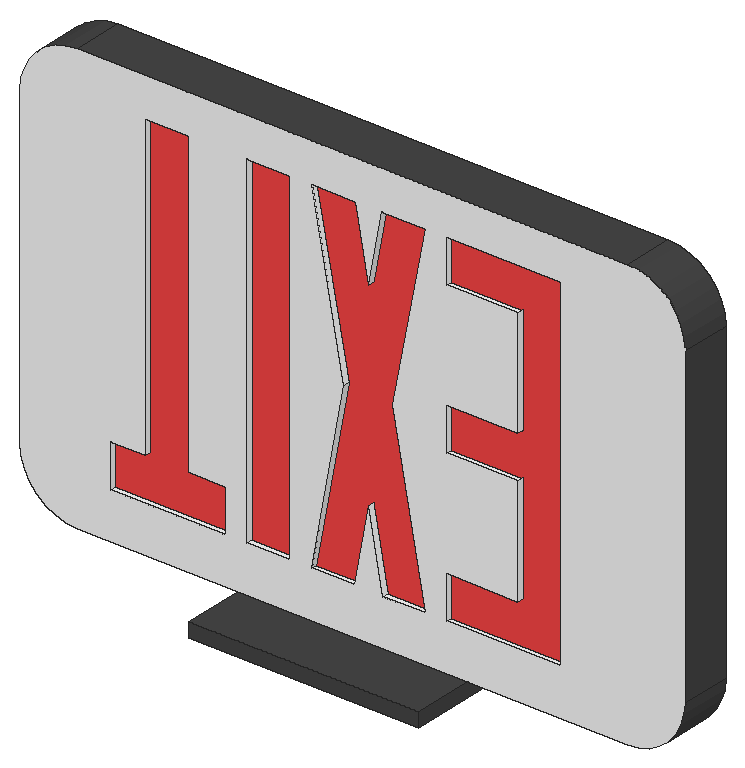
Revit family "CCE", category Lighting Fixtures, host Face, Revit 2021
Family settings
  Host = Face
  Round Connector Dimension = Use Diameter
  Part Type = Normal
  OmniClass Number = 23.80.70.11.21
  OmniClass Title = Emergency Lighting
  Cut with Voids When Loaded = No
  Light Source = Yes
  Shared = No
  Room Calculation Point = No
Parameters (values of type "CCESRE")
  zz Length 1 = if(Double Face, 0.438", 0.250")  # 0.250"
  Wattage Comments = "1 W"  # constant formula
  Wattage = 9.2903 W
  built-in parameter 1150110 = 1 (stored number, unit not read)
  Voltage = if([120 Voltage], 120 V, 277 V)  # 120 V
  URL = "https://www.currentlighting.com/compass"
  built-in parameter 1114217 = 1 (stored number, unit not read)
  Tilt Angle = 60.00°
  built-in parameter 1150109 = 1 (stored number, unit not read)
  built-in parameter 1150134 = 3
  built-in parameter 1150113 = 1 (stored number, unit not read)
  Single Face = yes
  Product Page URL = ""
  Product Documentation Link = ""
  Photometric Web File = "generic"
  built-in parameter 1150142 = (empty or 0)
  Model = "CCESRE"
  Manufacturer = "Compass Products"  # constant formula
  built-in parameter 1150105 = 109.82 (stored number, unit not read)
  Lumens = 1380 lm
  built-in parameter 1150115 = 1 (stored number, unit not read)
  Load Classification = Lighting
  built-in parameter 1150137 = (empty or 0)
  built-in parameter 1150139 = (empty or 0)
  Lens = Red LED
  built-in parameter 1150112 = 1 (stored number, unit not read)
  built-in parameter 1150114 = 1 (stored number, unit not read)
  Lamp = "LED Lamp"  # constant formula
  built-in parameter 1150132 = (empty or 0)
  built-in parameter 1150102 = (empty or 0)
  built-in parameter 1150107 = 3200 (stored number, unit not read)
  built-in parameter 1150138 = (empty or 0)
  built-in parameter 1150106 = 1.0982 (stored number, unit not read)
  Housing Material = Black
  Finish = White
  Emit from Rectangle Width = 24.000"
  Emit from Rectangle Length = 48.000"
  Emit Shape Visible in Rendering = no
  built-in parameter 1150104 = 13.8 (stored number, unit not read)
  Double Face = not(Single Face)  # no
  Dimming Lamp Color Temperature Shift = <None>
  Description = "Brushed Face, Black Housing, Single-Face, Red, Emergency"
  Default Elevation = 48.000"
  Color Filter = 16777215
  built-in parameter 1114218 = 1 (stored number, unit not read)
  built-in parameter 1150133 = 10 (stored number, unit not read)
  Assembly Code = "D5020200"
  Apparent Load = 1 VA  # constant formula
  277 Voltage = not([120 Voltage])  # no
  120 Voltage = yes
Types (8): name | zz Length 1 | Tilt Angle | Single Face | Model | Lens | Emit from Rectangle Width | Emit from Rectangle Length | Double Face | Description
  CCESRE | 0.250" | 60.00° | yes | "CCESRE" | Red LED | 24.000" | 48.000" | no | "Brushed Face, Black Housing, Single-Face, Red, Emergency"
  CCEDRE | 0.438" | 60.00° | no | "CCEDRE" | Red LED | 7.750" | 11.000" | yes | "Brushed Face, Black Housing, Double-Face, Red, Emergency"
  CCESGE | 0.250" | 60.00° | yes | "CCESGE" | Green LED | 24.000" | 48.000" | no | "Brushed Face, Black Housing, Single-Face, Green, Emergency"
  CCEDGE | 0.438" | 60.00° | no | "CCEDGE" | Green LED | 24.000" | 48.000" | yes | "Brushed Face, Black Housing, Double-Face, Green, Emergency"
  CCESR | 0.250" | 0.00° | yes | "CCESR" | Red LED | 7.000" | 10.000" | no | "Brushed Face, Black Housing, Single-Face, Red, AC"
  CCEDR | 0.438" | 60.00° | no | "CCEDR" | Red LED | 24.000" | 48.000" | yes | "Brushed Face, Black Housing, Double-Face, Red, AC"
  CCESG | 0.250" | 60.00° | yes | "CCESG" | Green LED | 24.000" | 48.000" | no | "Brushed Face, Black Housing, Single-Face, Green, AC"
  CCEDG | 0.438" | 90.00° | no | "CCEDG" | Green LED | 5.000" | 5.000" | yes | "Brushed Face, Black Housing, Double-Face, Green, AC"
Reference planes (in)
  plane 1 "Center (Front/Back)": y = 0
  plane 2: z = 0
  plane 3 "Center (Left/Right)": x = 0
  plane 4: x = -5.8
  plane 5: x = 5.8
  plane 6: y = 0.4375
  plane 7: y = -0.4375
  plane 8: z = 7.75
  plane 9: y = -1.5
  plane 10: y = 1.5625
  plane 11: x = -2
  plane 12: x = 2
  plane 13: z = 0.25
  plane 14: z = 7.06563
  plane 15: z = 1.06563
  plane 16: x = 3.63578
  plane 17: x = 1.63578
  plane 18: x = 1.27953
  plane 19: x = -0.72047
  plane 20: x = -2.22047
  plane 21: x = -4.22047
  plane 22: z = 7.06563
  plane 23: z = 1.06563
  plane 24: x = 3.63578
  plane 25: x = 1.63578
  plane 26: x = 1.27953
  plane 27: x = -0.72047
  plane 28: x = -2.22047
  plane 29: x = -4.22047
  plane 30: z = 7.06563
  plane 31: z = 1.06563
  plane 32: x = -3.63578
  plane 33: x = -1.63578
  plane 34: x = -1.27953
  plane 35: x = 0.72047
  plane 36: x = 2.22047
  plane 37: x = 4.22047
  plane 38: z = 7.06563
  plane 39: z = 1.06563
  plane 40: x = -3.63578
  plane 41: x = -1.63578
  plane 42: x = -1.27953
  plane 43: x = 0.72047
  plane 44: x = 2.22047
  plane 45: x = 4.22047
  plane 46: y = -0.3375
  plane 47: y = 0.3375
  plane 48: y = 0.0875
  plane 49: y = -0.0875
  plane 50: y = 0.25
Forms (in)
  Sweep 1, solid, material "White" <- "Finish"
    path origin (0, 0, 0) x (1, 0, 0) y (0, 1, 0)
      loop
        line (0, -0.4375) -> (0, 0.4375)
    profile origin (0, 0, 0) x (-1, 0, 0) y (0, 0, 1)
      loop
        arc (-4.8, 7.75) -> (-5.50711, 7.45711) -> (-5.8, 6.75) r 1
        line (-5.8, 6.75) -> (-5.8, 1.25)
        arc (-5.8, 1.25) -> (-5.50711, 0.54289) -> (-4.8, 0.25) r 1
        line (-4.8, 0.25) -> (4.8, 0.25)
        arc (4.8, 0.25) -> (5.50711, 0.54289) -> (5.8, 1.25) r 1
        line (5.8, 1.25) -> (5.8, 6.75)
        arc (5.8, 6.75) -> (5.50711, 7.45711) -> (4.8, 7.75) r 1
        line (4.8, 7.75) -> (-4.8, 7.75)
  Extrusion 2, solid, material "Black" <- "Housing Material"
    sketch origin (0, 0, 0) x (1, 0, 0) y (0, 0, 1)
      loop
        line (-2, 0.25) -> (-2, 0) -> (2, 0) -> (2, 0.25) -> (-2, 0.25)
    from -1.5625 to 1.5
  Extrusion 3, void
    sketch origin (-0.25, 0, 0) x (-1, 0, 0) y (0, 0, -1)
      loop
        line (-1.88578, -6.31563) -> (-3.13578, -6.31563) -> (-3.13578, -4.44063) -> (-1.88578, -4.44063) -> (-1.88578, -3.69063) -> (-3.13578, -3.69063) -> (-3.13578, -1.81563) -> (-1.88578, -1.81563) -> (-1.88578, -1.06563) -> (-3.88578, -1.06563) -> (-3.88578, -7.06563) -> (-1.88578, -7.06563) -> (-1.88578, -6.31563)
      loop
        line (0.47047, -7.06563) -> (-0.10196, -4.12075) -> (0.47047, -1.06563) -> (-0.27953, -1.06563) -> (-0.52953, -2.39991) -> (-0.77953, -1.06563) -> (-1.52953, -1.06563) -> (-0.9571, -4.12075) -> (-1.52953, -7.06563) -> (-0.75888, -7.06563) -> (-0.52953, -5.84158) -> (-0.30019, -7.06563) -> (0.47047, -7.06563)
      loop
        line (1.58918, -7.06563) -> (1.58918, -1.06563) -> (0.83918, -1.06563) -> (0.83918, -7.06563) -> (1.58918, -7.06563)
      loop
        line (3.36347, -7.06563) -> (3.36347, -1.81563) -> (3.97047, -1.81563) -> (3.97047, -1.06563) -> (1.97047, -1.06563) -> (1.97047, -1.81563) -> (2.61347, -1.81563) -> (2.61347, -7.06563) -> (3.36347, -7.06563)
    from 0.0875 to 0.4375
  Extrusion 4, solid, material "Red LED" <- "Lens"
    sketch origin (0, 0, 0) x (1, 0, 0) y (0, 0, 1)
      loop
        line (1.63578, 6.31563) -> (2.88578, 6.31563) -> (2.88578, 4.44063) -> (1.63578, 4.44063) -> (1.63578, 3.69063) -> (2.88578, 3.69063) -> (2.88578, 1.81563) -> (1.63578, 1.81563) -> (1.63578, 1.06563) -> (3.63578, 1.06563) -> (3.63578, 7.06563) -> (1.63578, 7.06563) -> (1.63578, 6.31563)
      loop
        line (-0.72047, 7.06563) -> (-0.14804, 4.12075) -> (-0.72047, 1.06563) -> (0.02953, 1.06563) -> (0.27953, 2.39991) -> (0.52953, 1.06563) -> (1.27953, 1.06563) -> (0.7071, 4.12075) -> (1.27953, 7.06563) -> (0.50888, 7.06563) -> (0.27953, 5.84158) -> (0.05019, 7.06563) -> (-0.72047, 7.06563)
      loop
        line (-1.83918, 7.06563) -> (-1.83918, 1.06563) -> (-1.08918, 1.06563) -> (-1.08918, 7.06563) -> (-1.83918, 7.06563)
      loop
        line (-3.61347, 7.06563) -> (-3.61347, 1.81563) -> (-4.22047, 1.81563) -> (-4.22047, 1.06563) -> (-2.22047, 1.06563) -> (-2.22047, 1.81563) -> (-2.86347, 1.81563) -> (-2.86347, 7.06563) -> (-3.61347, 7.06563)
    from 0.0875 to 0.3375
  Extrusion 5, solid, material "Red LED" <- "Lens", visible <- "Double Face"
    sketch origin (0, 0, 0) x (-1, 0, 0) y (0, 0, 1)
      loop
        line (1.63578, 6.31563) -> (2.88578, 6.31563) -> (2.88578, 4.44063) -> (1.63578, 4.44063) -> (1.63578, 3.69063) -> (2.88578, 3.69063) -> (2.88578, 1.81563) -> (1.63578, 1.81563) -> (1.63578, 1.06563) -> (3.63578, 1.06563) -> (3.63578, 7.06563) -> (1.63578, 7.06563) -> (1.63578, 6.31563)
      loop
        line (-0.72047, 7.06563) -> (-0.14804, 4.12075) -> (-0.72047, 1.06563) -> (0.02953, 1.06563) -> (0.27953, 2.39991) -> (0.52953, 1.06563) -> (1.27953, 1.06563) -> (0.7071, 4.12075) -> (1.27953, 7.06563) -> (0.50888, 7.06563) -> (0.27953, 5.84158) -> (0.05019, 7.06563) -> (-0.72047, 7.06563)
      loop
        line (-1.83918, 7.06563) -> (-1.83918, 1.06563) -> (-1.08918, 1.06563) -> (-1.08918, 7.06563) -> (-1.83918, 7.06563)
      loop
        line (-3.61347, 7.06563) -> (-3.61347, 1.81563) -> (-4.22047, 1.81563) -> (-4.22047, 1.06563) -> (-2.22047, 1.06563) -> (-2.22047, 1.81563) -> (-2.86347, 1.81563) -> (-2.86347, 7.06563) -> (-3.61347, 7.06563)
    from 0.0875 to 0.3375
  Extrusion 6, void
    sketch origin (0.25, 0, 0) x (1, 0, 0) y (0, 0, -1)
      loop
        line (-1.88578, -6.31563) -> (-3.13578, -6.31563) -> (-3.13578, -4.44063) -> (-1.88578, -4.44063) -> (-1.88578, -3.69063) -> (-3.13578, -3.69063) -> (-3.13578, -1.81563) -> (-1.88578, -1.81563) -> (-1.88578, -1.06563) -> (-3.88578, -1.06563) -> (-3.88578, -7.06563) -> (-1.88578, -7.06563) -> (-1.88578, -6.31563)
      loop
        line (0.47047, -7.06563) -> (-0.10196, -4.12075) -> (0.47047, -1.06563) -> (-0.27953, -1.06563) -> (-0.52953, -2.39991) -> (-0.77953, -1.06563) -> (-1.52953, -1.06563) -> (-0.9571, -4.12075) -> (-1.52953, -7.06563) -> (-0.75888, -7.06563) -> (-0.52953, -5.84158) -> (-0.30019, -7.06563) -> (0.47047, -7.06563)
      loop
        line (1.58918, -7.06563) -> (1.58918, -1.06563) -> (0.83918, -1.06563) -> (0.83918, -7.06563) -> (1.58918, -7.06563)
      loop
        line (3.36347, -7.06563) -> (3.36347, -1.81563) -> (3.97047, -1.81563) -> (3.97047, -1.06563) -> (1.97047, -1.06563) -> (1.97047, -1.81563) -> (2.61347, -1.81563) -> (2.61347, -7.06563) -> (3.36347, -7.06563)
    from 0.0875 to 0.25
Cuts and joins
  Extrusion 3, Extrusion 6 cuts Sweep 1
Dimensions and locks (in)
  equal spacing: plane 5, plane 3 "Center (Left/Right)", plane 4
  locked: plane 3 "Center (Left/Right)" to plane 4 at 5.8
  equal spacing: plane 6, plane 1 "Center (Front/Back)", plane 7
  plane 6 to plane 7 = 0.875"
  plane 8 to level = 7.750"
  equal spacing: plane 4, plane 3 "Center (Left/Right)", plane 5
  plane 4 to plane 3 "Center (Left/Right)" = 5.800"
  plane 9 to plane 1 "Center (Front/Back)" = 1.500"
  equal spacing: plane 11, plane 3 "Center (Left/Right)", plane 12
  plane 11 to plane 3 "Center (Left/Right)" = 2.000"
  locked: plane 13 to level at 0.25
  "zz Length 1": plane 50 to plane 1 "Center (Front/Back)"
  aligned and locked: plane 2 to host face
  aligned and locked: level to host face
  aligned and locked: plane 3 "Center (Left/Right)" to Sweep 1 sketch curve
  aligned and locked: Sweep 1 sketch curve to plane 8
  aligned and locked: Sweep 1 sketch curve to plane 5
  aligned and locked: plane 4 to Sweep 1 sketch curve
  aligned and locked: Extrusion 2 to plane 10
  aligned and locked: plane 9 to Extrusion 2
  aligned and locked: Extrusion 2 to level
  aligned and locked: plane 6 to Sweep 1 sketch curve
  aligned and locked: plane 7 to Sweep 1 sketch curve
  aligned and locked: plane 7 to Extrusion 3
  aligned and locked: plane 48 to Extrusion 5
  aligned and locked: Extrusion 5 to plane 47
  aligned and locked: Extrusion 6 to Extrusion 5
  aligned and locked: Extrusion 3 to plane 49
  aligned and locked: Extrusion 4 to plane 49
  aligned and locked: plane 46 to Extrusion 4
  aligned and locked: Extrusion 6 to plane 50
  aligned and locked: plane 11 to Extrusion 2 sketch curve
  aligned and locked: Extrusion 2 sketch curve to plane 13
  aligned and locked: plane 2 to Extrusion 2 sketch curve
  aligned and locked: Extrusion 2 sketch curve to plane 12
  aligned and locked: plane 1 "Center (Front/Back)" to imposter light
Automatic sketch dimensions
  host sketch curve to host sketch curve = 96.000"  (x2)
  plane 2 to Sweep 1 sketch curve = 0.250"
  Sweep 1 sketch curve to Sweep 1 sketch curve = 1.000"  (x4)
  Extrusion 3 sketch curve to plane 15 = 0.000"  (x5)
  Extrusion 3 sketch curve to plane 16 = 0.000"
  Extrusion 3 sketch curve to plane 17 = 0.000"  (x3)
  Extrusion 3 sketch curve to plane 14 = 0.000"  (x5)
  Extrusion 3 sketch curve to plane 18 = 0.000"  (x2)
  Extrusion 3 sketch curve to plane 19 = 0.000"  (x2)
  Extrusion 3 sketch curve to plane 20 = 0.000"
  Extrusion 3 sketch curve to plane 21 = 0.000"
  Extrusion 3 sketch curve to plane 16 = 0.750"
  Extrusion 3 sketch curve to Extrusion 3 sketch curve = 0.000"  (x2)
  Extrusion 3 sketch curve to plane 18 = 0.57243"
  plane 3 "Center (Left/Right)" to Extrusion 3 sketch curve = 0.52953"
  plane 3 "Center (Left/Right)" to Extrusion 3 sketch curve = 0.50888"
  plane 3 "Center (Left/Right)" to Extrusion 3 sketch curve = 0.27953"  (x2)
  plane 3 "Center (Left/Right)" to Extrusion 3 sketch curve = 0.05019"
  plane 3 "Center (Left/Right)" to Extrusion 3 sketch curve = 0.02953"
  Extrusion 3 sketch curve to plane 3 "Center (Left/Right)" = 0.14804"
  Extrusion 3 sketch curve to plane 19 = 0.36871"
  plane 11 to Extrusion 3 sketch curve = 0.16082"
  Extrusion 3 sketch curve to plane 20 = 0.643"
  plane 21 to Extrusion 3 sketch curve = 0.607"
  Extrusion 3 sketch curve to Extrusion 3 sketch curve = 0.750"  (x4)
  plane 14 to Extrusion 3 sketch curve = 1.22405"
  Extrusion 3 sketch curve to Extrusion 3 sketch curve = 1.875"
  Extrusion 3 sketch curve to Extrusion 3 sketch curve = 1.72084"
  Extrusion 3 sketch curve to plane 15 = 1.33428"
  Extrusion 3 sketch curve to plane 15 = 0.750"
  Extrusion 4 sketch curve to plane 23 = 0.000"  (x5)
  Extrusion 4 sketch curve to plane 29 = 0.000"
  Extrusion 4 sketch curve to plane 22 = 0.000"  (x5)
  Extrusion 4 sketch curve to plane 28 = 0.000"
  Extrusion 4 sketch curve to plane 27 = 0.000"  (x2)
  Extrusion 4 sketch curve to plane 26 = 0.000"  (x2)
  Extrusion 4 sketch curve to plane 25 = 0.000"  (x3)
  Extrusion 4 sketch curve to plane 24 = 0.000"
  plane 29 to Extrusion 4 sketch curve = 0.607"
  Extrusion 4 sketch curve to plane 28 = 0.643"
  plane 11 to Extrusion 4 sketch curve = 0.16082"
  Extrusion 4 sketch curve to Extrusion 4 sketch curve = 0.36871"
  Extrusion 4 sketch curve to plane 3 "Center (Left/Right)" = 0.14804"
  plane 3 "Center (Left/Right)" to Extrusion 4 sketch curve = 0.02953"
  plane 3 "Center (Left/Right)" to Extrusion 4 sketch curve = 0.05019"
  plane 3 "Center (Left/Right)" to Extrusion 4 sketch curve = 0.27953"  (x2)
  Extrusion 4 sketch curve to Extrusion 4 sketch curve = 0.45869"
  Extrusion 4 sketch curve to Extrusion 4 sketch curve = 0.500"
  Extrusion 4 sketch curve to plane 26 = 0.57243"
  Extrusion 4 sketch curve to plane 24 = 0.750"
  Extrusion 4 sketch curve to Extrusion 4 sketch curve = 0.000"  (x3)
  Extrusion 4 sketch curve to plane 23 = 0.750"  (x2)
  Extrusion 4 sketch curve to plane 23 = 1.33428"
  Extrusion 4 sketch curve to Extrusion 4 sketch curve = 1.875"
  Extrusion 4 sketch curve to Extrusion 4 sketch curve = 0.43012"
  Extrusion 4 sketch curve to Extrusion 4 sketch curve = 0.750"
  plane 22 to Extrusion 4 sketch curve = 1.22405"
  plane 22 to Extrusion 4 sketch curve = 0.750"
  Extrusion 5 sketch curve to plane 31 = 0.000"  (x5)
  plane 37 to Extrusion 5 sketch curve = 0.000"
  Extrusion 5 sketch curve to plane 30 = 0.000"  (x5)
  plane 36 to Extrusion 5 sketch curve = 0.000"
  plane 35 to Extrusion 5 sketch curve = 0.000"  (x2)
  plane 34 to Extrusion 5 sketch curve = 0.000"  (x2)
  plane 33 to Extrusion 5 sketch curve = 0.000"  (x3)
  plane 32 to Extrusion 5 sketch curve = 0.000"
  plane 37 to Extrusion 5 sketch curve = 0.607"
  Extrusion 5 sketch curve to plane 36 = 0.643"
  Extrusion 5 sketch curve to plane 12 = 0.16082"
  Extrusion 5 sketch curve to Extrusion 5 sketch curve = 0.36871"
  plane 3 "Center (Left/Right)" to Extrusion 5 sketch curve = 0.14804"
  Extrusion 5 sketch curve to plane 3 "Center (Left/Right)" = 0.02953"
  Extrusion 5 sketch curve to plane 3 "Center (Left/Right)" = 0.05019"
  Extrusion 5 sketch curve to plane 3 "Center (Left/Right)" = 0.27953"  (x2)
  Extrusion 5 sketch curve to Extrusion 5 sketch curve = 0.45869"
  Extrusion 5 sketch curve to Extrusion 5 sketch curve = 0.500"
  Extrusion 5 sketch curve to plane 34 = 0.57243"
  Extrusion 5 sketch curve to plane 32 = 0.750"
  Extrusion 5 sketch curve to Extrusion 5 sketch curve = 0.000"  (x3)
  Extrusion 5 sketch curve to plane 31 = 0.750"  (x2)
  Extrusion 5 sketch curve to plane 31 = 1.33428"
  Extrusion 5 sketch curve to Extrusion 5 sketch curve = 1.875"
  Extrusion 5 sketch curve to Extrusion 5 sketch curve = 0.43012"
  Extrusion 5 sketch curve to Extrusion 5 sketch curve = 0.750"
  plane 30 to Extrusion 5 sketch curve = 1.22405"
  plane 30 to Extrusion 5 sketch curve = 0.750"
  Extrusion 6 sketch curve to plane 39 = 0.000"  (x5)
  plane 40 to Extrusion 6 sketch curve = 0.000"
  plane 41 to Extrusion 6 sketch curve = 0.000"  (x3)
  Extrusion 6 sketch curve to plane 38 = 0.000"  (x5)
  plane 42 to Extrusion 6 sketch curve = 0.000"  (x2)
  plane 43 to Extrusion 6 sketch curve = 0.000"  (x2)
  plane 44 to Extrusion 6 sketch curve = 0.000"
  plane 45 to Extrusion 6 sketch curve = 0.000"
  Extrusion 6 sketch curve to plane 40 = 0.750"
  Extrusion 6 sketch curve to Extrusion 6 sketch curve = 0.000"  (x2)
  Extrusion 6 sketch curve to plane 42 = 0.57243"
  Extrusion 6 sketch curve to plane 3 "Center (Left/Right)" = 0.52953"
  Extrusion 6 sketch curve to plane 3 "Center (Left/Right)" = 0.50888"
  Extrusion 6 sketch curve to plane 3 "Center (Left/Right)" = 0.27953"  (x2)
  Extrusion 6 sketch curve to plane 3 "Center (Left/Right)" = 0.05019"
  Extrusion 6 sketch curve to plane 3 "Center (Left/Right)" = 0.02953"
  plane 3 "Center (Left/Right)" to Extrusion 6 sketch curve = 0.14804"
  Extrusion 6 sketch curve to plane 43 = 0.36871"
  Extrusion 6 sketch curve to plane 12 = 0.16082"
  Extrusion 6 sketch curve to plane 44 = 0.643"
  plane 45 to Extrusion 6 sketch curve = 0.607"
  Extrusion 6 sketch curve to Extrusion 6 sketch curve = 0.750"  (x4)
  plane 38 to Extrusion 6 sketch curve = 1.22405"
  Extrusion 6 sketch curve to Extrusion 6 sketch curve = 1.875"
  Extrusion 6 sketch curve to Extrusion 6 sketch curve = 1.72084"
  Extrusion 6 sketch curve to plane 39 = 1.33428"
  Extrusion 6 sketch curve to plane 39 = 0.750"
Connectors (in)
  electrical at (0, 0.03125, 0), driven by "Load Classification", driven by "Voltage", driven by "Apparent Load", driven by "Description"
    settings: on Extrusion 2, index 1, voltage 120 V, apparent load 0 VA, apparent load phase1 1 VA, apparent load phase2 0 VA, apparent load phase3 0 VA, power factor 1, load classification "Lighting", number of poles 1, system type 30, power factor state 1, is connector primary yes, connector utility no, sub classification motor no, connector description "Brushed Face, Black Housing, Single-Face, Red, Emergency"
